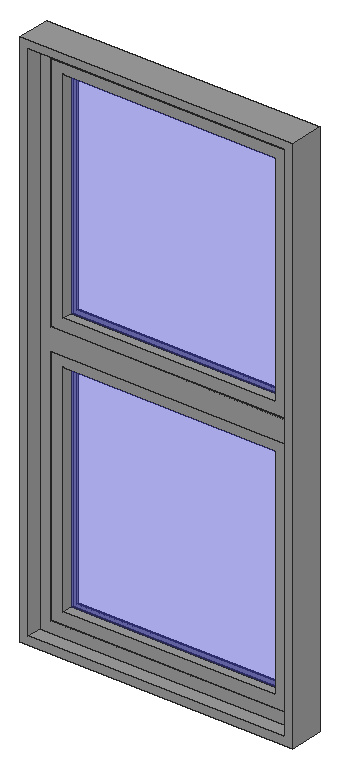
Revit family "16PL OP006_v02", category Windows, host Wall, Revit 2015
Parameters
  Wall Thickness [instance] = 0' - 6"
  URL = "obe.com"
  Transom Height = 3' - 0"
  Rough Width = Width + 0' 0 1/2"  # 3' - 0 1/2"
  Rough Height = Height + 0' 0 1/2"  # 6' - 0 1/2"
  Offset Limitation [instance] = if((Offset + 0' 4 1/2") > Wall Thickness, (Wall Thickness - 0' 4 1/2"), Offset)  # 0' - 0"
  Offset [instance] = 0' - 0"
  Model = "16PL OP006"
  Manufacturer = "Oldcastle BuildingEnvelope®"
  Keynote = "08 51 00"
  Height = Operable Height + Transom Height  # 6' - 0"
  Glass Material = Glass
  Frame Material = Aluminum
  Operable Height = 3' - 0"
  Description = "SIGNATURE SERIES 16PL"
  Default Sill Height = 3' - 0"
  Wall Closure = By host
  Width = 3' - 0"
  Construction Type = ""
  Assembly Code = "B2020"
  Analytic Construction = "<None>"
Reference planes (in)
  plane 1 "Center (Front/Back)": y = 0
  plane 2: z = 0
  plane 3 "Center (Left/Right)": x = 0
  plane 4 "Left": x = -18.25
  plane 5 "Right": x = 18.25
  plane 6 "Sill": z = 36
  plane 7 "Top": z = 108.5
  plane 8 "Offset": y = 3
  plane 9: x = 18
  plane 10: z = 108.25
  plane 11: x = -18
  plane 12: z = 36.25
  plane 13 "Center": z = 72.25
  plane 14: z = 69.812
  plane 15: z = 39.5005
  plane 16: z = 104.9995
  plane 17: z = 74.688
  plane 18 "EXT": y = 2.96875
Forms (in)
  Sweep 1, solid, material "Aluminum" <- "Frame Material"
    path origin (0, 3, 0) x (1, 0, 0) y (0, 0, 1)
      loop
        line (18, 108.5) -> (18, 36)
    profile origin (18, 3, 72.25) x (0, -1, 0) y (1, 0, 0)
      loop
        line (4.5, 0.25) -> (0, 0.25) -> (0, -1.375) -> (2.40625, -1.375) -> (2.40625, -2.25) -> (2.5, -2.25) -> (2.5, -0.75) -> (4.5, -0.75) -> (4.5, 0.25)
  Sweep 2, solid, material "Aluminum" <- "Frame Material"
    path origin (0, 3, 0) x (-1, 0, 0) y (0, 0, 1)
      loop
        line (18, 108.5) -> (18, 36)
    profile origin (-18, 3, 72.25) x (0, -1, 0) y (1, 0, 0)
      loop
        line (4.5, -0.25) -> (4.5, 0.75) -> (2.5, 0.75) -> (2.5, 2.25) -> (2.40625, 2.25) -> (2.40625, 1.375) -> (0, 1.375) -> (0, -0.25) -> (4.5, -0.25)
  Sweep 3, solid, material "Aluminum" <- "Frame Material"
    path origin (0, 3, 0) x (1, 0, 0) y (0, 0, 1)
      loop
        line (18.25, 108.25) -> (-18.25, 108.25)
    profile origin (0, 3, 108.25) x (0, 0, -1) y (0, -1, 0)
      loop
        line (-0.25, 4.5) -> (-0.25, 0) -> (1.3749, 0) -> (1.3749, 2.40616) -> (2.25, 2.40616) -> (2.25, 2.5) -> (0.75, 2.5) -> (0.75, 4.5) -> (-0.25, 4.5)
  Sweep 4, solid, material "Aluminum" <- "Frame Material"
    path origin (0, 3, 135.95734) x (1, 0, 0) y (0, 0, -1)
      loop
        line (18.25, 99.70734) -> (-18.25, 99.70734)
    profile origin (0, 3, 36.25) x (0, 0, -1) y (0, -1, 0)
      loop
        line (0.25, 4.5) -> (-0.75, 4.5) -> (-0.75, 2.5) -> (-2.25, 2.5) -> (-2.25, 2.40625) -> (-1.375, 2.40625) -> (-1.375, 0) -> (0.25, 0) -> (0.25, 4.5)
  Sweep 5, solid, material "Aluminum" <- "Frame Material"
    path origin (0, 3, 0) x (1, 0, 0) y (0, 0, 1)
      loop
        line (18.25, 72.25) -> (-18.25, 72.25)
    profile origin (0, 3, 72.25) x (0, 0, -1) y (0, -1, 0)
      loop
        line (-1.4375, 2.5) -> (-1.4375, 2.40625) -> (-0.56184, 2.40625) -> (-0.56184, 0) -> (0.56122, 0) -> (0.56122, 2.4061) -> (1.4375, 2.4061) -> (1.4375, 2.5) -> (-1.4375, 2.5)
  Extrusion 6, solid, material "Glass" <- "Glass Material", detail levels coarse
    sketch origin (0, 0, 36) x (0, -1, 0) y (1, 0, 0)
      loop
        line (-2.96875, -14.7495) -> (-1.96875, -14.7495) -> (-1.96875, 14.7495) -> (-2.96875, 14.7495) -> (-2.96875, -14.7495)
    from 3.5005 to 33.812
  Extrusion 7, solid, material "Glass" <- "Glass Material", detail levels coarse
    sketch origin (0, 0, 36) x (0, -1, 0) y (1, 0, 0)
      loop
        line (-2.96875, -14.7495) -> (-1.96875, -14.7495) -> (-1.96875, 14.7495) -> (-2.96875, 14.7495) -> (-2.96875, -14.7495)
    from 38.688 to 68.9995
  Extrusion 8, solid, material "Glass" <- "Glass Material", detail levels medium+fine
    sketch origin (0, 0, 36) x (0, -1, 0) y (1, 0, 0)
      loop
        line (-2.96875, -14.7495) -> (-2.71875, -14.7495) -> (-2.71875, 14.7495) -> (-2.96875, 14.7495) -> (-2.96875, -14.7495)
      loop
        line (-2.20605, 14.7495) -> (-2.20605, -14.7495) -> (-1.96875, -14.7495) -> (-1.96875, 14.7495) -> (-2.20605, 14.7495)
    from 3.5005 to 33.812
  Extrusion 9, solid, material "Glass" <- "Glass Material", detail levels medium+fine
    sketch origin (0, 0, 36) x (0, -1, 0) y (1, 0, 0)
      loop
        line (-2.96875, -14.7495) -> (-2.71875, -14.7495) -> (-2.71875, 14.7495) -> (-2.96875, 14.7495) -> (-2.96875, -14.7495)
      loop
        line (-2.20605, 14.7495) -> (-2.20605, -14.7495) -> (-1.96875, -14.7495) -> (-1.96875, 14.7495) -> (-2.20605, 14.7495)
    from 38.688 to 68.9995
  Sweep 10, solid, material "Aluminum" <- "Frame Material"
    path origin (0, 3, 0) x (1, 0, 0) y (0, 0, 1)
      loop
        line (16.875, 108.25) -> (-16.875, 108.25)
    profile origin (0, 3, 108.25) x (0, 0, -1) y (0, -1, 0)
      loop
        line (1.125, -0.25) -> (3.7505, -0.25) -> (3.7505, 0.03125) -> (3.2505, 0.03125) -> (3.2505, 1.03125) -> (3.751, 1.03125) -> (3.751, 2.3125) -> (2.06259, 2.3125) -> (2.06259, -0.15645) -> (1.125, -0.15645) -> (1.125, -0.25)
  Sweep 11, solid, material "Aluminum" <- "Frame Material"
    path origin (0, 3, 0) x (1, 0, 0) y (0, 0, 1)
      loop
        line (16.875, 72.25) -> (-16.875, 72.25)
    profile origin (0, 3, 72.25) x (0, 0, -1) y (0, -1, 0)
      loop
        line (-2.438, 1.03125) -> (-2.438, 0.03125) -> (-2.9385, 0.03125) -> (-2.9385, -0.25) -> (-0.3125, -0.25) -> (-0.3125, -0.15629) -> (-1.2505, -0.15629) -> (-1.2505, 2.3125) -> (-2.9385, 2.3125) -> (-2.9385, 1.03125) -> (-2.438, 1.03125)
  Sweep 12, solid, material "Aluminum" <- "Frame Material"
    path origin (0, 3, 0) x (1, 0, 0) y (0, 0, 1)
      loop
        line (18, 107.125) -> (18, 72.5625)
    profile origin (18, 3, 89.84375) x (0, -1, 0) y (1, 0, 0)
      loop
        line (-0.25, -3.7505) -> (0.03125, -3.7505) -> (0.03125, -3.2505) -> (1.03125, -3.2505) -> (1.03125, -3.751) -> (2.3125, -3.751) -> (2.3125, -2.063) -> (-0.15625, -2.063) -> (-0.15625, -1.125) -> (-0.25, -1.125) -> (-0.25, -3.7505)
  Sweep 13, solid, material "Aluminum" <- "Frame Material"
    path origin (0, 3, 0) x (1, 0, 0) y (0, 0, 1)
      loop
        line (-18.25, 107.125) -> (-18.25, 72.625)
    profile origin (-18.25, 3, 89.875) x (0, -1, 0) y (1, 0, 0)
      loop
        line (-0.25, 4.0005) -> (-0.25, 1.375) -> (-0.15625, 1.375) -> (-0.15625, 2.313) -> (2.3125, 2.313) -> (2.3125, 4.001) -> (1.03125, 4.001) -> (1.03125, 3.5005) -> (0.03125, 3.5005) -> (0.03125, 4.0005) -> (-0.25, 4.0005)
  Sweep 14, solid, material "Aluminum" <- "Frame Material"
    path origin (0, 3, 0) x (1, 0, 0) y (0, 0, 1)
      loop
        line (18, 71.9375) -> (18, 37.375)
    profile origin (18, 3, 54.65625) x (0, -1, 0) y (1, 0, 0)
      loop
        line (-0.25, -3.7505) -> (0.03125, -3.7505) -> (0.03125, -3.2505) -> (1.03125, -3.2505) -> (1.03125, -3.751) -> (2.3125, -3.751) -> (2.3125, -2.063) -> (-0.15625, -2.063) -> (-0.15625, -1.125) -> (-0.25, -1.125) -> (-0.25, -3.7505)
  Sweep 15, solid, material "Aluminum" <- "Frame Material"
    path origin (0, 3, 0) x (1, 0, 0) y (0, 0, 1)
      loop
        line (-18, 71.9375) -> (-18, 37.375)
    profile origin (-18, 3, 54.65625) x (0, -1, 0) y (1, 0, 0)
      loop
        line (2.3125, 2.063) -> (2.3125, 3.751) -> (1.03125, 3.751) -> (1.03125, 3.2505) -> (0.03125, 3.2505) -> (0.03125, 3.7505) -> (-0.25, 3.7505) -> (-0.25, 1.125) -> (-0.15625, 1.125) -> (-0.15625, 2.063) -> (2.3125, 2.063)
  Sweep 16, solid, material "Aluminum" <- "Frame Material"
    path origin (0, 3, 0) x (1, 0, 0) y (0, 0, 1)
      loop
        line (16.875, 72.25) -> (-16.875, 72.25)
    profile origin (0, 3, 72.25) x (0, 0, -1) y (0, -1, 0)
      loop
        line (0.3125, -0.25) -> (2.938, -0.25) -> (2.938, 0.03125) -> (2.438, 0.03125) -> (2.438, 1.03125) -> (2.9385, 1.03125) -> (2.9385, 2.3125) -> (1.2505, 2.3125) -> (1.2505, -0.15755) -> (0.3125, -0.15755) -> (0.3125, -0.25)
  Sweep 17, solid, material "Aluminum" <- "Frame Material"
    path origin (0, 3, 0) x (1, 0, 0) y (0, 0, 1)
      loop
        line (16.875, 36.25) -> (-16.875, 36.25)
    profile origin (0, 3, 36.25) x (0, 0, -1) y (0, -1, 0)
      loop
        line (-3.7505, -0.25) -> (-1.125, -0.25) -> (-1.125, -0.15625) -> (-2.063, -0.15625) -> (-2.063, 2.3125) -> (-3.751, 2.3125) -> (-3.751, 1.03125) -> (-3.2505, 1.03125) -> (-3.2505, 0.03125) -> (-3.7505, 0.03125) -> (-3.7505, -0.25)
Cuts and joins
  joined: Sweep 1, Sweep 2, Sweep 3, Sweep 4, Sweep 5
  joined: Sweep 10, Sweep 11, Sweep 12, Sweep 13
  joined: Sweep 14, Sweep 15, Sweep 16, Sweep 17
Lines and regions (in)
  Opening 1
    outline origin (-60, -3, 0) x (1, 0, 0) y (0, 0, 1)
      loop
        line (41.75, 108.5) -> (41.75, 36) -> (78.25, 36) -> (78.25, 108.5) -> (41.75, 108.5)
  model lines, style "Opening Direction"
    curve 1: line (14.249, 2.96875, 75.1885) -> (0, 2.96875, 104.4995)
    curve 2: line (0, 2.96875, 104.4995) -> (-14.249, 2.96875, 75.18953)
    curve 3: line (14.2495, 2.96875, 40.0005) -> (0, 2.96875, 69.3115)
    curve 4: line (0, 2.96875, 69.3115) -> (-14.2495, 2.96875, 40.0005)
Text (in)
  text "EXTERIOR" at (-58.6888, 50.90694, 0), in view "Ref. Level"
  text "INTERIOR" at (-58.6888, -50.23432, 0), in view "Ref. Level"
  text "Exterior" at (0, 43.65631, 123.19604), in view "Left"
  text "Exterior" at (0, 18.29385, 125.04747), in view "Right"
  text "Min Operable Size\n\n14\" width x 18\" height\n\n\n\nMax Operable Size\n\n72\" x 72\"\n\n\n\nMax Operable Area\n\n24 square feet" at (117.8919, 50.90694, 0), in view "Ref. Level"
Dimensions and locks (in)
  equal spacing: plane 4 "Left", plane 3 "Center (Left/Right)", plane 5 "Right"
  "Rough Width": plane 4 "Left" to plane 5 "Right"
  "Default Sill Height": plane 2 to plane 6 "Sill"
  "Offset Limitation": plane 8 "Offset" to host wall
  "Wall Thickness": host wall to host wall
  locked: plane 9 to plane 5 "Right" at 0.25
  locked: plane 6 "Sill" to plane 12 at 0.25
  "Operable Height": plane 12 to plane 13 "Center"
  "Transom Height": plane 13 "Center" to plane 10
  "Rough Height": plane 6 "Sill" to plane 7 "Top"
  "Width": plane 11 to plane 9
  plane 8 "Offset" to Extrusion 6 sketch curve to Extrusion 6 sketch curve = 0' - 0 1/32" locked, 0' - 1" locked
  locked: plane 12 to plane 15 at 3.2505
  locked: plane 13 "Center" to plane 14 at 2.438
  plane 8 "Offset" to Extrusion 7 sketch curve to Extrusion 7 sketch curve = 0' - 0 1/32" locked, 0' - 1" locked
  locked: plane 16 to plane 10 at 3.2505
  locked: plane 13 "Center" to plane 17 at 2.438
  Extrusion 8 sketch curve to Extrusion 8 sketch curve to Extrusion 8 sketch curve to Extrusion 8 sketch curve to plane 8 "Offset" = 0' - 0.2373" locked, 0' - 0.5127" locked, 0' - 0 1/4" locked, 0' - 0 1/32" locked
  Extrusion 9 sketch curve to Extrusion 9 sketch curve to Extrusion 9 sketch curve to Extrusion 9 sketch curve to plane 8 "Offset" = 0' - 0.2373" locked, 0' - 0.5127" locked, 0' - 0 1/4" locked, 0' - 0 1/32" locked
  locked: plane 18 "EXT" to plane 8 "Offset" at 0.03125
  aligned and locked: plane 7 "Top" to Opening 1 sketch curve
  aligned and locked: plane 6 "Sill" to Opening 1 sketch curve  (x2)
  aligned and locked: plane 5 "Right" to Opening 1 sketch curve
  aligned and locked: plane 4 "Left" to Opening 1 sketch curve
  aligned and locked: level to plane 2
  aligned and locked: plane 6 "Sill" to Sweep 1 sketch curve
  aligned and locked: Sweep 1 sketch curve to plane 9
  aligned and locked: plane 7 "Top" to Sweep 1 sketch curve
  aligned and locked: plane 7 "Top" to Sweep 2 sketch curve
  aligned and locked: Sweep 2 sketch curve to plane 11
  aligned and locked: plane 6 "Sill" to Sweep 2 sketch curve
  aligned and locked: plane 5 "Right" to Sweep 3 sketch curve
  aligned and locked: plane 4 "Left" to Sweep 3 sketch curve
  aligned and locked: plane 10 to Sweep 3 sketch curve
  aligned and locked: plane 5 "Right" to Sweep 4 sketch curve
  aligned and locked: plane 4 "Left" to Sweep 4 sketch curve
  aligned and locked: plane 12 to Sweep 4 sketch curve
  aligned and locked: plane 5 "Right" to Sweep 5 sketch curve
  aligned and locked: plane 4 "Left" to Sweep 5 sketch curve
  aligned and locked: plane 13 "Center" to Sweep 5 sketch curve
  aligned and locked: plane 14 to Extrusion 6
  aligned and locked: Extrusion 6 to plane 15
  aligned and locked: Extrusion 7 to plane 17
  aligned and locked: plane 16 to Extrusion 7
  aligned and locked: Extrusion 8 to plane 15
  aligned and locked: plane 14 to Extrusion 8
  aligned and locked: Extrusion 9 to plane 17
  aligned and locked: plane 16 to Extrusion 9
  aligned and locked: plane 10 to Sweep 10 sketch curve
  aligned and locked: Sweep 12 sketch curve to plane 9
  aligned and locked: Sweep 15 sketch curve to plane 11
  aligned and locked: plane 13 "Center" to Sweep 16 sketch curve
  aligned and locked: plane 12 to Sweep 17 sketch curve
Automatic sketch dimensions
  plane 8 "Offset" to Sweep 1 sketch curve = 0' - 0"
  profile plane to Sweep 1 sketch curve = 0' - 0 3/4"
  Sweep 1 sketch curve to profile plane = 0' - 0 1/4"
  Sweep 2 sketch curve to profile plane = 0' - 0 3/4"
  profile plane to Sweep 2 sketch curve = 0' - 0 1/4"
  Sweep 4 sketch curve to plane 8 "Offset" = 0' - 0"
  profile plane to Sweep 4 sketch curve = 0' - 0 3/4"
  Sweep 4 sketch curve to profile plane = 0' - 0 1/4"
  Extrusion 6 sketch curve to plane 11 = 0' - 3.2505"
  plane 9 to Extrusion 6 sketch curve = 0' - 3.2505"
  Extrusion 7 sketch curve to plane 11 = 0' - 3.2505"
  plane 9 to Extrusion 7 sketch curve = 0' - 3.2505"
  Sweep 2 sketch curve to Sweep 2 sketch curve = 0' - 2"
  Sweep 2 sketch curve to Sweep 2 sketch curve = 0' - 2 1/2"
  Sweep 1 sketch curve to Sweep 1 sketch curve = 0' - 2"
  Sweep 1 sketch curve to Sweep 1 sketch curve = 0' - 2 13/32"
  Sweep 4 sketch curve to Sweep 4 sketch curve = 0' - 2"
  Sweep 4 sketch curve to Sweep 4 sketch curve = 0' - 2 13/32"
  Extrusion 8 sketch curve to plane 11 = 0' - 3.2505"
  Extrusion 8 sketch curve to Extrusion 8 sketch curve = 0' - 0"  (x2)
  plane 9 to Extrusion 8 sketch curve = 0' - 3.2505"
  Extrusion 9 sketch curve to plane 11 = 0' - 3.2505"
  Extrusion 9 sketch curve to Extrusion 9 sketch curve = 0' - 0"  (x2)
  plane 9 to Extrusion 9 sketch curve = 0' - 3.2505"
  Sweep 10 sketch curve to plane 4 "Left" = 0' - 1 3/8"
  plane 9 to Sweep 10 sketch curve = 0' - 1 1/8"
  Sweep 11 sketch curve to plane 11 = 0' - 1 1/8"
  plane 9 to Sweep 11 sketch curve = 0' - 1 1/8"
  Sweep 11 sketch curve to plane 13 "Center" = 0' - 0"
  Sweep 12 sketch curve to plane 13 "Center" = 0' - 0 5/16"
  plane 10 to Sweep 12 sketch curve = 0' - 1 1/8"
  plane 4 "Left" to Sweep 13 sketch curve = 0' - 0"
  Sweep 13 sketch curve to plane 13 "Center" = 0' - 0 3/8"
  plane 10 to Sweep 13 sketch curve = 0' - 1 1/8"
  plane 9 to Sweep 14 sketch curve = 0' - 0"
  Sweep 14 sketch curve to plane 12 = 0' - 1 1/8"
  plane 13 "Center" to Sweep 14 sketch curve = 0' - 0 5/16"
  Sweep 15 sketch curve to plane 12 = 0' - 1 1/8"
  plane 13 "Center" to Sweep 15 sketch curve = 0' - 0 5/16"
  Sweep 16 sketch curve to plane 11 = 0' - 1 1/8"
  plane 9 to Sweep 16 sketch curve = 0' - 1 1/8"
  Sweep 17 sketch curve to plane 11 = 0' - 1 1/8"
  plane 9 to Sweep 17 sketch curve = 0' - 1 1/8"
  Sweep 13 sketch curve to plane 8 "Offset" = 0' - 0 1/4"
  Sweep 13 sketch curve to plane 8 "Offset" = 0' - 0 5/32"
  plane 8 "Offset" to Sweep 13 sketch curve = 0' - 1 1/32"
  Sweep 13 sketch curve to Sweep 13 sketch curve = 0' - 1 9/32"
  Sweep 13 sketch curve to profile plane = 0' - 1 3/8"
  Sweep 13 sketch curve to Sweep 13 sketch curve = 0' - 0.938"
  Sweep 13 sketch curve to Sweep 13 sketch curve = 0' - 1 3/16"
  Sweep 13 sketch curve to Sweep 13 sketch curve = 0' - 0.5005"
  plane 8 "Offset" to Sweep 13 sketch curve = 0' - 0 1/32"
  Sweep 13 sketch curve to Sweep 13 sketch curve = 0' - 0 1/2"
  Sweep 2 sketch curve to Sweep 2 sketch curve = 0' - 0 3/32"
  Sweep 2 sketch curve to Sweep 2 sketch curve = 0' - 0 5/8"
  Sweep 2 sketch curve to Sweep 2 sketch curve = 0' - 0 7/8"
  plane 8 "Offset" to Sweep 2 sketch curve = 0' - 0"
  Sweep 12 sketch curve to plane 8 "Offset" = 0' - 0 1/4"
  Sweep 12 sketch curve to plane 8 "Offset" = 0' - 0 5/32"
  plane 8 "Offset" to Sweep 12 sketch curve = 0' - 0 1/32"
  Sweep 12 sketch curve to Sweep 12 sketch curve = 0' - 1"
  Sweep 12 sketch curve to Sweep 12 sketch curve = 0' - 1 9/32"
  profile plane to Sweep 12 sketch curve = 0' - 3.751"
  Sweep 12 sketch curve to Sweep 12 sketch curve = 0' - 1 3/16"
  Sweep 12 sketch curve to Sweep 12 sketch curve = 0' - 0.938"
  Sweep 12 sketch curve to Sweep 12 sketch curve = 0' - 0.0005"
  Sweep 12 sketch curve to Sweep 12 sketch curve = 0' - 0 1/2"
  Sweep 3 sketch curve to plane 8 "Offset" = 0' - 0"
  profile plane to Sweep 3 sketch curve = 0' - 0 1/4"
  Sweep 3 sketch curve to profile plane = 0' - 0 3/4"
  Sweep 3 sketch curve to profile plane = 0' - 1.3749"
  Sweep 3 sketch curve to Sweep 3 sketch curve = 0' - 0.8751"
  plane 8 "Offset" to Sweep 3 sketch curve = 0' - 2 1/2"
  Sweep 3 sketch curve to Sweep 3 sketch curve = 0' - 2"
  Sweep 3 sketch curve to Sweep 3 sketch curve = 0' - 0.09384"
  Sweep 1 sketch curve to Sweep 1 sketch curve = 0' - 0 5/8"
  Sweep 1 sketch curve to Sweep 1 sketch curve = 0' - 0 3/32"
  Sweep 1 sketch curve to Sweep 1 sketch curve = 0' - 0 7/8"
  Sweep 10 sketch curve to plane 8 "Offset" = 0' - 0.15645"
  Sweep 10 sketch curve to profile plane = 0' - 1 1/8"
  Sweep 10 sketch curve to Sweep 10 sketch curve = 0' - 0.93759"
  plane 8 "Offset" to Sweep 10 sketch curve = 0' - 0 1/32"
  Sweep 10 sketch curve to Sweep 10 sketch curve = 0' - 1.18791"
  Sweep 10 sketch curve to Sweep 10 sketch curve = 0' - 0.5005"
  Sweep 10 sketch curve to Sweep 10 sketch curve = 0' - 0.09355"
  plane 8 "Offset" to Sweep 10 sketch curve = 0' - 1 1/32"
  Sweep 10 sketch curve to Sweep 10 sketch curve = 0' - 1 9/32"
  Sweep 10 sketch curve to Sweep 10 sketch curve = 0' - 0 1/2"
  Sweep 11 sketch curve to plane 8 "Offset" = 0' - 0 1/4"
  profile plane to Sweep 11 sketch curve = 0' - 2.9385"
  Sweep 11 sketch curve to Sweep 11 sketch curve = 0' - 0"
  Sweep 11 sketch curve to Sweep 11 sketch curve = 0' - 0.5005"
  profile plane to Sweep 11 sketch curve = 0' - 1.2505"
  profile plane to Sweep 11 sketch curve = 0' - 0 5/16"
  plane 8 "Offset" to Sweep 11 sketch curve = 0' - 0 1/32"
  Sweep 11 sketch curve to Sweep 11 sketch curve = 0' - 1"
  Sweep 11 sketch curve to Sweep 11 sketch curve = 0' - 1 9/32"
  Sweep 11 sketch curve to plane 8 "Offset" = 0' - 0.15629"
  Sweep 5 sketch curve to plane 8 "Offset" = 0' - 0"
  profile plane to Sweep 5 sketch curve = 0' - 1 7/16"
  profile plane to Sweep 5 sketch curve = 0' - 0.56184"
  Sweep 5 sketch curve to profile plane = 0' - 0.56122"
  plane 8 "Offset" to Sweep 5 sketch curve = 0' - 2 1/2"
  Sweep 5 sketch curve to Sweep 5 sketch curve = 0' - 0.87628"
  Sweep 5 sketch curve to Sweep 5 sketch curve = 0' - 0 3/32"
  Sweep 5 sketch curve to Sweep 5 sketch curve = 0' - 0.0939"
  Sweep 16 sketch curve to plane 8 "Offset" = 0' - 0.15755"
  Sweep 16 sketch curve to profile plane = 0' - 0 5/16"
  plane 8 "Offset" to Sweep 16 sketch curve = 0' - 1 1/32"
  Sweep 16 sketch curve to plane 8 "Offset" = 0' - 0 1/4"
  Sweep 16 sketch curve to Sweep 16 sketch curve = 0' - 0 1/2"
  plane 8 "Offset" to Sweep 16 sketch curve = 0' - 0 1/32"
  Sweep 16 sketch curve to Sweep 16 sketch curve = 0' - 0.938"
  Sweep 16 sketch curve to Sweep 16 sketch curve = 0' - 1.688"
  Sweep 16 sketch curve to Sweep 16 sketch curve = 0' - 0.0005"
  Sweep 16 sketch curve to Sweep 16 sketch curve = 0' - 1 9/32"
  profile plane to Sweep 17 sketch curve = 0' - 3.751"
  Sweep 17 sketch curve to plane 8 "Offset" = 0' - 0 5/32"
  Sweep 17 sketch curve to Sweep 17 sketch curve = 0' - 1 3/16"
  Sweep 17 sketch curve to plane 8 "Offset" = 0' - 0 1/4"
  Sweep 17 sketch curve to Sweep 17 sketch curve = 0' - 0.938"
  Sweep 17 sketch curve to Sweep 17 sketch curve = 0' - 1"
  Sweep 17 sketch curve to Sweep 17 sketch curve = 0' - 1 9/32"
  Sweep 17 sketch curve to Sweep 17 sketch curve = 0' - 0.0005"
  Sweep 17 sketch curve to Sweep 17 sketch curve = 0' - 0 1/2"
  plane 8 "Offset" to Sweep 17 sketch curve = 0' - 0 1/32"
  Sweep 4 sketch curve to Sweep 4 sketch curve = 0' - 0 3/32"
  Sweep 4 sketch curve to Sweep 4 sketch curve = 0' - 0 5/8"
  Sweep 4 sketch curve to Sweep 4 sketch curve = 0' - 0 7/8"
  Sweep 15 sketch curve to Sweep 15 sketch curve = 0' - 0 3/32"
  Sweep 15 sketch curve to Sweep 15 sketch curve = 0' - 1"
  Sweep 15 sketch curve to Sweep 15 sketch curve = 0' - 1 9/32"
  Sweep 15 sketch curve to profile plane = 0' - 1 1/8"
  Sweep 15 sketch curve to Sweep 15 sketch curve = 0' - 0.938"
  Sweep 15 sketch curve to Sweep 15 sketch curve = 0' - 1 3/16"
  Sweep 15 sketch curve to Sweep 15 sketch curve = 0' - 0.5005"
  Sweep 15 sketch curve to plane 8 "Offset" = 0' - 0 1/4"
  plane 8 "Offset" to Sweep 15 sketch curve = 0' - 0 1/32"
  Sweep 15 sketch curve to Sweep 15 sketch curve = 0' - 0 1/2"
  Sweep 14 sketch curve to plane 8 "Offset" = 0' - 0 5/32"
  Sweep 14 sketch curve to Sweep 14 sketch curve = 0' - 0 3/32"
  plane 8 "Offset" to Sweep 14 sketch curve = 0' - 0 1/32"
  Sweep 14 sketch curve to Sweep 14 sketch curve = 0' - 1"
  profile plane to Sweep 14 sketch curve = 0' - 3.2505"
  Sweep 14 sketch curve to Sweep 14 sketch curve = 0' - 1 3/16"
  Sweep 14 sketch curve to Sweep 14 sketch curve = 0' - 0.938"
  Sweep 14 sketch curve to Sweep 14 sketch curve = 0' - 1 9/32"
  Sweep 14 sketch curve to Sweep 14 sketch curve = 0' - 0 1/2"
  Sweep 14 sketch curve to Sweep 14 sketch curve = 0' - 0.5005"
  curve 2 to plane 3 "Center (Left/Right)" = 0' - 0"
  curve 3 to plane 3 "Center (Left/Right)" = 0' - 0"
  curve 3 to plane 14 = 0' - 0.5005"
  curve 2 to plane 16 = 0' - 0 1/2"
  plane 17 to curve 2 = 0' - 0.50153"
  curve 2 to plane 11 = 0' - 3.751"
  plane 15 to curve 4 = 0' - 0 1/2"
  curve 4 to plane 11 = 0' - 3.7505"
  plane 17 to curve 1 = 0' - 0.5005"
  plane 9 to curve 1 = 0' - 3.751"
  plane 15 to curve 3 = 0' - 0 1/2"
  plane 9 to curve 3 = 0' - 3.7505"
